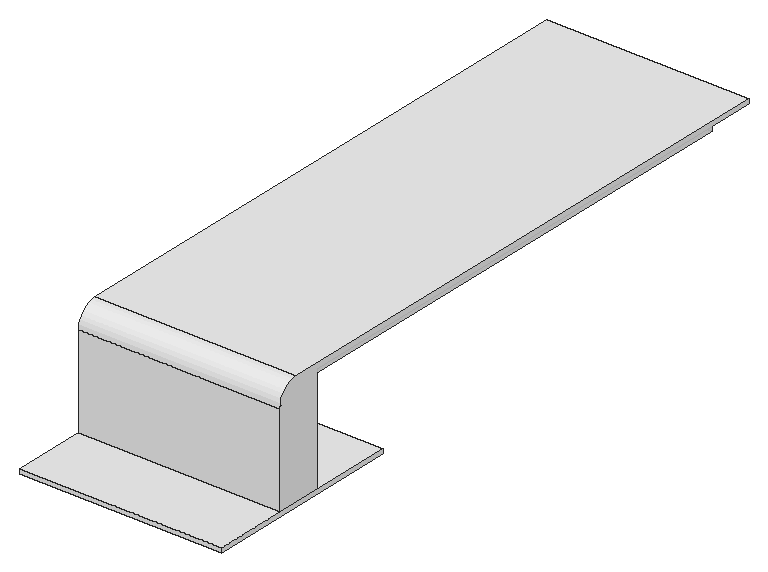
Revit family "3-515-xx - 37-515-xx - Halo (Wall Sconce)", category Lighting Fixtures, host Face, Revit 2018
Family settings
  Host = Face
  Round Connector Dimension = Use Diameter
  Part Type = Normal
  Cut with Voids When Loaded = No
  Light Source = Yes
  Shared = No
  Room Calculation Point = No
Parameters (values of type "3-515-14 / 37-515-14 - Halo")
  Wattage Comments = "13.00 W at 120 V"  # constant formula
  Wattage = 13 W
  built-in parameter 1150110 = 1 (stored number, unit not read)
  Voltage Input [instance] = "120 V or 277 V 50/60Hz"  # constant formula
  URL = "www.oxygenlighting.com"
  built-in parameter 1114217 = 1 (stored number, unit not read)
  Tilt Angle = 180.00°  # constant formula
  built-in parameter 1150109 = 1 (stored number, unit not read)
  built-in parameter 1150134 = (empty or 0)
  built-in parameter 1150113 = 1 (stored number, unit not read)
  Photometric Web File = "3-515-14 Halo Sconce.ies"
  Other = none
  References [instance] = "Ref. 3 = 120V / Ref. 37 = 277 V"  # constant formula
  Model = "3-515-xx / 37-515-xx - Halo"  # constant formula
  Metal Finish = 14 - Polished Chrome
  Manufacturer = "Oxygen Lighting & Fans"  # constant formula
  built-in parameter 1150105 = 51.105 (stored number, unit not read)
  Lumens = 642.2 lm
  built-in parameter 1150115 = 1 (stored number, unit not read)
  built-in parameter 1150137 = (empty or 0)
  built-in parameter 1150139 = (empty or 0)
  built-in parameter 1150112 = 1 (stored number, unit not read)
  built-in parameter 1150114 = 1 (stored number, unit not read)
  Lamp = "LED Array"  # constant formula
  built-in parameter 1150132 = (empty or 0)
  built-in parameter 1150102 = (empty or 0)
  built-in parameter 1150107 = 3000 (stored number, unit not read)
  built-in parameter 1150138 = (empty or 0)
  built-in parameter 1150106 = 0.51105 (stored number, unit not read)
  built-in parameter 1150127 = 1.00"  # constant formula
  Emit from Rectangle Length = 9.00"  # constant formula
  Emit Shape Visible in Rendering = no
  built-in parameter 1150104 = 4.5894 (stored number, unit not read)
  Dimming Lamp Color Temperature Shift = <None>
  Diffuser = Matte White Acrylic
  Default Elevation = 0.00"
  Color Filter = 16777215
  Emit from Rectangle Width = 12.00"
  built-in parameter 1150133 = 10 (stored number, unit not read)
Types (5): name | Metal Finish
  (no name) | 14 - Polished Chrome
  3-515-14 / 37-515-14 - Halo | 14 - Polished Chrome
  3-515-24 / 37-515-24 - Halo | 24 - Satin Nickel
  3-515-25 / 37-515-25 - Halo | 25 - Satin Copper
  3-515-40 / 37-515-40 - Halo | 40 - Aged Brass
Reference planes (in)
  plane 1 "Center (Front/Back)": y = 0
  plane 2: z = 0
  plane 3 "Center (Left/Right)": x = 0
Dimensions and locks (in)
  aligned and locked: plane 2 to host face
  aligned and locked: level to host face
Nested families (in)
  nested 1: "3-515 Halo" at (0, 0, 0), type "3-515 Halo"
Definition of nested family "3-515 Halo"
  Parameters (values of type "3-515 Halo")
    Others 2 = none
    Others 1 = none
    Metal Finish = none
    Main Diffuser = none
    Diffuser = none
    2nd Diffuser = none
  Reference planes (in)
    plane 1 "Center (Front/Back)": y = 0
    plane 2: z = 0
    plane 3 "Center (Left/Right)": x = 0
    plane 4 "Very Bottom": y = 0
  Forms (in)
    Extrusion 1, solid, material <- "Metal Finish"
      sketch origin (-0.01386, -77.20322, 6.2) x (0, 0, 1) y (0, -1, 0)
        loop
          line (-6.2, -79.89322) -> (-6.075, -79.89322) -> (-6.075, -74.39322) -> (-6.2, -74.39322) -> (-6.2, -79.89322)
      from -2.73614 to 2.76386
    Extrusion 2, solid, material <- "Diffuser"
      sketch origin (0.00205, -77.20322, 6.2) x (0, 0, 1) y (0, -1, 0)
        loop
          line (-3.7, -91.78101) -> (-3.125, -91.78101) -> (-3.125, -77.6408) -> (-3.7, -77.6408) -> (-3.7, -91.78101)
      from -2.26 to 2.25591
    Extrusion 3, solid, material <- "Metal Finish"
      sketch origin (0.00205, -77.20322, 6.2) x (0, 0, 1) y (0, -1, 0)
        loop
          line (-6.075, -77.6408) -> (-3.125, -77.6408) -> (-3.125, -92.39322) -> (-3, -92.39322) -> (-3, -76.94322)
          arc (-3, -76.94322) -> (-3.16109, -76.55431) -> (-3.55, -76.39322) r 0.55
          line (-3.55, -76.39322) -> (-6.075, -76.39322) -> (-6.075, -77.6408)
      from -2.75205 to 2.74795
    Extrusion 4, void
      sketch origin (0, 0, 0) x (0, 1, 0) y (0, 0, 1)
        loop
          line (0.36291, 3.14461) -> (0.36291, 2.625) -> (14.4528, 2.625) -> (14.4528, 3.14461) -> (0.36291, 3.14461)
      from -2.14 to 2.14
  Cuts and joins
    Extrusion 4 cuts Extrusion 2
  Lines and regions (in)
    model lines
      curve 1: line (-4, 0, 0) -> (4, 0, 0)
      curve 2: line (0, -4, 0) -> (0, 4, 0)
    symbolic lines
      curve 3: circle (0, 0, 0) r 2 normal (0, 0, 1)
    model lines, not visible
      curve 4: line (-13.0722, 21.77075, 0) -> (-5.0722, 21.77075, 0)
      curve 5: line (-9.0722, 17.77075, 0) -> (-9.0722, 25.77075, 0)
    symbolic lines, not visible
      curve 6: circle (-9.0722, 21.77075, 0) r 2 normal (0, 0, 1)
  Text (in)
    text "M.C." at (0.88973, 1.62995, 0), in view "Ref. Level"
    text "M.C." at (-8.18247, 23.4007, 0), in view "Ref. Level", not visible
  Dimensions and locks (in)
    Extrusion 1 to Extrusion 1 = 5.50"
    aligned and locked: plane 2 to level
    aligned and locked: Extrusion 1 to Extrusion 3
